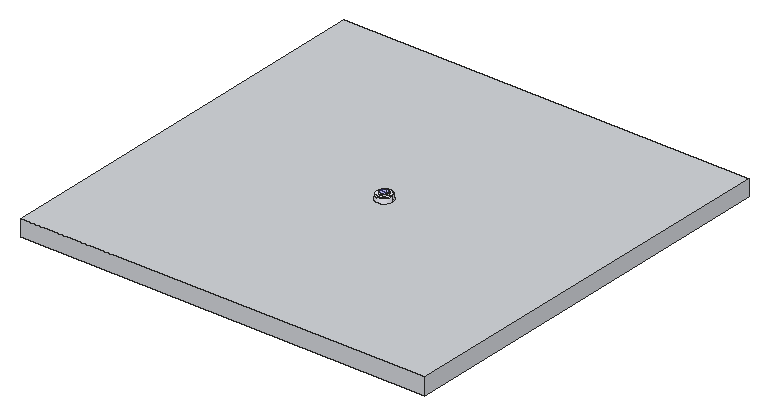
Revit family "BEG-92550", category Dispositifs d'éclairage, Revit 2015
Parameters
  Detection zone [instance] = yes
  Seat area [instance] = height position < 301 cm  # yes
  URL = "http://www.luxomat.com/en-92550"
  Type of output = "SWITCH"
  Ambiant temperature = "-25°C to +50°C"
  Ref = "92550"
  Relay = "10A"
  height position [instance] = 250 cm
  direct Range [instance] = height position * 2.4  # 600 cm
  transversal Range [instance] = height position * 4  # 1000 cm
  Modèle = "PD2M-1C-SM"
  Installation type = "Ceiling"
  Brand = "LUXOMAT"
  Image du type = 92550.jpg
  IP = "20"
  Mounting height max = Installation height max  # 300 cm
  Installation height max = 300 cm
  Fabricant = "B.E.G"
  Label [instance] = yes
  Default Elevation = 0 cm
  Consumption = "0,77W"
  Commentaires du type = "Occupancy detector PD2M-1C-SM"
  Code d'assemblage = "D5010200"
  Class = "2"
  Switching power LED = "300W"
  Switching power Cos ɸ =1 = "2300W"
  Switching power Cos ɸ =0,5 = "1150VA"
  Power voltage = "110-240 V AC"
  seated activity [instance] = height position * 1.6  # 400 cm
Reference planes (cm)
  plane 1 "Centre (avant/arrière)": y = 0
  plane 2: z = 0
  plane 3 "Centre (gauche/droite)": x = 0
Forms (cm)
  Extrusion 1, solid
    sketch origin (0, 0, 0) x (1, 0, 0) y (0, 1, 0)
      loop
        line (-121.92, 121.92) -> (-121.92, -121.92) -> (121.92, -121.92) -> (121.92, 121.92) -> (-121.92, 121.92)
    from 0 to -10
Dimensions and locks (cm)
  aligned and locked: plane 2 to Extrusion 1
  aligned and locked: level to Extrusion 1
  aligned and locked: nested 2 to plane 2
Nested families (cm)
  nested 1: "Famille1" at (0, -72.6659, 0) x (-1, 0, 0) z (0, 0, 1), reference <- "Ref", modele <- "Modèle", visible <- "Label", type "Famille1"
    with reference "92550", modele "PD2M-1C-SM"
  nested 2: "M8" at (0, 0, 0), type "Standard"
  nested 3: "zone G" at (0, 0, 0) x (-1, 0, 0) z (0, 0, 1), visible <- "Detection zone", activité assise <- "seated activity", biais <- "transversal Range", frontal <- "direct Range", Zone assise <- "Seat area", type "zone G"
    with position 2 240 cm, position 1 400 cm, frontal 600 cm, biais 1000 cm, activité assise 400 cm, Zone assise yes
  nested 4: "Plafond 360° 2D" at (0, 0, 0), type "Plafond 360° 2D"
Connectors (cm)
  electrical at (0, 0, 0)
    settings: on nested 2, index 1, voltage 240 V, apparent load 0 VA, apparent load phase1 0 VA, apparent load phase2 0 VA, apparent load phase3 0 VA, power factor 1, load classification "Eclairage", number of poles 1, system type 31, power factor state 1, is connector primary yes, connector utility no, sub classification motor no, connector description ""
Definition of nested family "M8"
  Reference planes (cm)
    plane 1 "Centre (avant/arrière)": y = 0
    plane 2: z = 0
    plane 3 "Centre (gauche/droite)": x = 0
    plane 4: y = 0
  Forms (cm)
    Revolve 1, solid
      sketch origin (0, 0, 0) x (-1, 0, 0) y (0, 0, 1)
        loop
          line (0, 0) -> (0, 3.6) -> (-2.45, 3.6) -> (-2.6598, 3.35) -> (-2.6598, 3.1) -> (-4.3661, 2.8) -> (-4.69, 2.4) -> (-4.9, 0) -> (0, 0)
        axis (0, 0) -> (0, 3.6)
      angle from 0 to 360
    Revolve 2, solid
      sketch origin (0, 0, 0) x (-1, 0, 0) y (0, 0, 1)
        loop
          line (0, 3.6) -> (0, 5)
          arc (0, 5) -> (-1.3892, 4.6244) -> (-2.4, 3.6) r 2.7571
          line (-2.4, 3.6) -> (0, 3.6)
        axis (0, 3.6) -> (0, 5)
      angle from 0 to 360
  Lines and regions (cm)
    reference lines
      curve 1: line (0, 0, 0) -> (0, 0, 5)
      curve 2: line (2.45, 0, 3.6) -> (0, 0, 3.6)
      curve 3: line (2.6598, 0, 3.35) -> (2.45, 0, 3.6)
      curve 4: line (2.6598, 0, 3.35) -> (2.6598, 0, 3.1)
      curve 5: line (4.3661, 0, 2.8) -> (2.6598, 0, 3.1)
      curve 6: line (4.69, 0, 2.4) -> (4.3661, 0, 2.8)
      curve 7: line (4.9, 0, 0) -> (4.69, 0, 2.4)
      curve 8: line (0, 0, 0) -> (4.9, 0, 0)
      curve 9: line (0, 0, 5) -> (0, 0, 3.6)
      curve 10: arc (0, 0, 5) -> (1.3892, 0, 4.6244) -> (2.4, 0, 3.6) r 2.7571
      curve 11: line (0, 0, 3.6) -> (2.4, 0, 3.6)
      curve 12: line (0, 0, 0) -> (0, 0, 5)
  Dimensions and locks (cm)
    aligned and locked: level to plane 2
    aligned and locked: Revolve 1 sketch curve to curve 1  (x2)
    aligned and locked: Revolve 1 sketch curve to curve 2
    aligned and locked: Revolve 1 sketch curve to curve 3
    aligned and locked: Revolve 1 sketch curve to curve 4
    aligned and locked: Revolve 1 sketch curve to curve 5
    aligned and locked: Revolve 1 sketch curve to curve 6
    aligned and locked: Revolve 1 sketch curve to curve 7
    aligned and locked: Revolve 1 sketch curve to curve 8
    aligned and locked: Revolve 2 sketch curve to curve 9
    aligned and locked: Revolve 2 sketch curve to curve 10
    aligned and locked: Revolve 2 sketch curve to curve 11
    aligned and locked: Revolve 2 sketch curve to curve 12
Definition of nested family "Famille1"
  Parameters (values of type "Famille1")
    reference [instance] = ""
    modele [instance] = ""
  Reference planes (cm)
    plane 1: y = 0
    plane 2: x = 0
  Text (cm)
    label "reference\n\nmodele" at (0.0074, 0.0451, 0), shows "reference", "modele"
Definition of nested family "zone G"
  Parameters (values of type "zone G")
    position 2 [instance] = (frontal / 2) * 0.8  # 240 cm
    position 1 [instance] = (biais / 2) * 0.8  # 400 cm
    frontal [instance] = 600 cm
    biais [instance] = 1000 cm
    activité assise [instance] = 400 cm
    Zone assise [instance] = yes
  Reference planes (cm)
    plane 1 "Centre (avant/arrière)": y = 0
    plane 2: z = 0
    plane 3 "Centre (gauche/droite)": x = 0
    plane 4: x = -400
    plane 5: y = -240
  Lines and regions (cm)
    detail lines, in view "Niveau de réf.", visible <- "Zone assise"
      curve 1: circle (0, 0, 0) r 200 normal (0, 0, 1)
      curve 4: spline (-105.2767, 3.2118, 0) -> (-104.9106, 3.0586, 0) -> (-103.8375, 2.9158, 0) -> (-102.1303, 2.7932, 0) -> (-99.9055, 2.6991, 0) -> (-97.3146, 2.6399, 0) -> (-94.5343, 2.6198, 0) -> (-91.7539, 2.6399, 0) -> (-89.163, 2.6991, 0) -> (-86.9382, 2.7932, 0) -> (-85.231, 2.9158, 0) -> (-84.1579, 3.0586, 0) -> (-83.7918, 3.2118, 0) -> (-84.1579, 3.365, 0) -> (-85.231, 3.5078, 0) -> (-86.9382, 3.6305, 0) -> (-89.163, 3.7245, 0) -> (-91.7539, 3.7837, 0) -> (-94.5343, 3.8039, 0) -> (-97.3146, 3.7837, 0) -> (-99.9055, 3.7245, 0) -> (-102.1303, 3.6305, 0) -> (-103.8375, 3.5078, 0) -> (-104.9106, 3.365, 0) -> (-105.2767, 3.2118, 0)
      curve 5: line (-105.2767, 3.2118, 0) -> (-103.7271, 3.5181, 0)
      curve 6: arc (-102.6495, -16.5888, 0) -> (-107.2915, -17.186, 0) -> (-111.6311, -18.9388, 0) r 18.3388
      curve 7: arc (-111.6311, -18.9388, 0) -> (-111.6982, -19.0046, 0) -> (-111.7229, -19.0953, 0) r 0.1799
      curve 8: arc (-102.4571, -17.1805, 0) -> (-106.7473, -17.5804, 0) -> (-110.8538, -18.8852, 0) r 20.1051
      curve 9: arc (-110.8538, -18.8852, 0) -> (-111.0396, -18.979, 0) -> (-111.2122, -19.0953, 0) r 1.6679
      curve 10: circle (-111.4676, -19.8292, 0) r 0.5096 normal (0, 0, 1)
      curve 11: arc (-110.898, -19.8292, 0) -> (-111.4676, -19.2597, 0) -> (-112.0372, -19.8292, 0) r 0.5696
      curve 12: arc (-110.838, -19.8292, 0) -> (-111.4676, -19.1997, 0) -> (-112.0972, -19.8292, 0) r 0.6296
      curve 13: arc (-86.4191, -16.5888, 0) -> (-81.7771, -17.186, 0) -> (-77.4374, -18.9388, 0) r 18.3388
      curve 14: arc (-77.4374, -18.9388, 0) -> (-77.3704, -19.0046, 0) -> (-77.3456, -19.0953, 0) r 0.1799
      curve 15: arc (-86.6114, -17.1805, 0) -> (-82.3212, -17.5804, 0) -> (-78.2147, -18.8852, 0) r 20.1051
      curve 16: arc (-78.2147, -18.8852, 0) -> (-78.0289, -18.979, 0) -> (-77.8563, -19.0953, 0) r 1.6679
      curve 17: circle (-77.6009, -19.8292, 0) r 0.5096 normal (0, 0, 1)
      curve 18: arc (-77.0314, -19.8292, 0) -> (-77.6009, -19.2597, 0) -> (-78.1705, -19.8292, 0) r 0.5696
      curve 19: arc (-76.9714, -19.8292, 0) -> (-77.6009, -19.1997, 0) -> (-78.2305, -19.8292, 0) r 0.6296
      curve 20: arc (-95.2593, -16.5888, 0) -> (-98.9871, -17.441, 0) -> (-102.5056, -18.9388, 0) r 21.5424
      curve 21: arc (-102.5056, -18.9388, 0) -> (-102.5726, -19.0046, 0) -> (-102.5974, -19.0953, 0) r 0.1799
      curve 22: arc (-95.2593, -17.1805, 0) -> (-98.5536, -17.8061, 0) -> (-101.7283, -18.8852, 0) r 23.9713
      curve 23: arc (-101.7283, -18.8852, 0) -> (-101.911, -18.9772, 0) -> (-102.081, -19.0909, 0) r 1.6679
      curve 24: arc (-95.0229, -17.1805, 0) -> (-98.2689, -17.8294, 0) -> (-101.4063, -18.8852, 0) r 26.0219
      curve 25: arc (-101.4063, -18.8852, 0) -> (-101.592, -18.979, 0) -> (-101.7647, -19.0953, 0) r 1.6679
      curve 26: circle (-102.181, -19.8292, 0) r 0.5096 normal (0, 0, 1)
      curve 27: arc (-101.6114, -19.8292, 0) -> (-102.181, -19.2597, 0) -> (-102.7506, -19.8292, 0) r 0.5696
      curve 28: arc (-101.5514, -19.8292, 0) -> (-102.181, -19.1997, 0) -> (-102.8106, -19.8292, 0) r 0.6296
      curve 29: arc (-93.8092, -16.5888, 0) -> (-90.0814, -17.441, 0) -> (-86.5629, -18.9388, 0) r 21.5424
      curve 30: arc (-86.5629, -18.9388, 0) -> (-86.4959, -19.0046, 0) -> (-86.4711, -19.0953, 0) r 0.1799
      curve 31: arc (-93.8092, -17.1805, 0) -> (-90.5149, -17.8061, 0) -> (-87.3402, -18.8852, 0) r 23.9713
      curve 32: arc (-87.3402, -18.8852, 0) -> (-87.1544, -18.979, 0) -> (-86.9818, -19.0953, 0) r 1.6679
      curve 33: arc (-94.0457, -17.1805, 0) -> (-90.7996, -17.8294, 0) -> (-87.6622, -18.8852, 0) r 26.0219
      curve 34: arc (-87.6622, -18.8852, 0) -> (-87.4765, -18.979, 0) -> (-87.3039, -19.0953, 0) r 1.6679
      curve 35: circle (-86.8875, -19.8292, 0) r 0.5096 normal (0, 0, 1)
      curve 36: arc (-86.3179, -19.8292, 0) -> (-86.8875, -19.2597, 0) -> (-87.4571, -19.8292, 0) r 0.5696
      curve 37: arc (-86.2579, -19.8292, 0) -> (-86.8875, -19.1997, 0) -> (-87.5171, -19.8292, 0) r 0.6296
      curve 38: arc (-103.0079, 8.8705, 0) -> (-101.8776, 5.8173, 0) -> (-98.8653, 4.5819, 0) r 4.0512
      curve 39: arc (-83.7186, 4.2269, 0) -> (-82.9538, 3.7817, 0) -> (-82.7946, 2.9112, 0) r 1.0582
      curve 40: arc (-82.7946, 2.9112, 0) -> (-84.0889, -6.227, 0) -> (-84.0703, -15.4564, 0) r 64.7189
      curve 41: arc (-84.0703, -15.4564, 0) -> (-83.933, -16.0031, 0) -> (-83.4527, -16.2981, 0) r 0.7467
      curve 42: arc (-83.4527, -16.2981, 0) -> (-80.3714, -16.8717, 0) -> (-77.238, -16.9405, 0) r 19.3577
      curve 43: arc (-77.238, -16.9405, 0) -> (-77.6363, -16.4391, 0) -> (-78.2461, -16.244, 0) r 1.1013
      curve 44: arc (-78.2461, -16.244, 0) -> (-80.4274, -15.8096, 0) -> (-82.5587, -15.1742, 0) r 23.8747
      curve 45: arc (-82.5587, -15.1742, 0) -> (-81.6045, -6.5488, 0) -> (-80.848, 2.0961, 0) r 379.1961
      curve 46: arc (-80.848, 2.0961, 0) -> (-81.0708, 4.8418, 0) -> (-83.0581, 6.7494, 0) r 3.8846
      curve 47: arc (-83.0581, 6.7494, 0) -> (-89.2141, 8.8147, 0) -> (-95.6542, 9.6431, 0) r 33.2193
      curve 48: arc (-95.6542, 9.6431, 0) -> (-94.8516, 17.305, 0) -> (-94.8609, 25.0089, 0) r 72.9952
      curve 49: arc (-95.1116, 28.28, 0) -> (-95.2196, 29.2958, 0) -> (-95.3418, 30.31, 0) r 72.9952
      curve 50: arc (-98.1747, 30.0752, 0) -> (-100.3426, 29.2913, 0) -> (-99.4886, 27.1501, 0) r 1.6042
      curve 51: arc (-95.3418, 30.31, 0) -> (-98.7298, 32.2574, 0) -> (-102.1179, 30.31, 0) r 3.9209
      curve 52: arc (-68.8418, 20.3177, 0) -> (-68.8537, 20.2265, 0) -> (-68.9411, 20.2549, 0) r 0.0597
      curve 53: arc (-70.9776, 20.5408, 0) -> (-70.9496, 20.3832, 0) -> (-71.1082, 20.3621, 0) r 0.1108
      curve 54: spline (-98.8908, 41.6409, 0) -> (-97.9793, 41.5103, 0) -> (-97.1229, 41.0855, 0) -> (-96.38, 40.3954, 0) -> (-95.8012, 39.4871, 0) -> (-95.426, 38.4224, 0) -> (-95.2799, 37.274, 0) -> (-95.3728, 36.12, 0) -> (-95.6985, 35.0392, 0) -> (-96.2348, 34.1051, 0) -> (-96.945, 33.3815, 0) -> (-97.7809, 32.9176, 0) -> (-98.6854, 32.7451, 0) -> (-99.5969, 32.8757, 0) -> (-100.4532, 33.3005, 0) -> (-101.1961, 33.9906, 0) -> (-101.7749, 34.8989, 0) -> (-102.1502, 35.9636, 0) -> (-102.2963, 37.112, 0) -> (-102.2033, 38.266, 0) -> (-101.8776, 39.3468, 0) -> (-101.3414, 40.2809, 0) -> (-100.6311, 41.0045, 0) -> (-99.7953, 41.4684, 0) -> (-98.8908, 41.6409, 0)
      curve 55: line (-74.1608, -20.3388, 0) -> (-33.3759, -20.3388, 0)
      curve 56: line (-33.3759, -20.3388, 0) -> (-33.3759, 18.6681, 0)
      curve 57: line (-33.3759, 18.6681, 0) -> (-74.1608, 18.6681, 0)
      curve 58: line (-74.1608, 18.6681, 0) -> (-74.1608, -20.3388, 0)
      curve 59: line (-74.1608, -20.3388, 0) -> (-120.7181, -20.3388, 0)
      curve 60: line (-80.1025, 18.6681, 0) -> (-27.4342, 18.6681, 0)
      curve 61: line (-27.4342, 18.6681, 0) -> (-27.4342, 20.1345, 0)
      curve 62: line (-27.4342, 20.1345, 0) -> (-80.1025, 20.1345, 0)
      curve 63: line (-80.1025, 20.1345, 0) -> (-80.1025, 18.6681, 0)
      curve 64: line (-95.5223, 2.6198, 0) -> (-93.5462, 2.6198, 0)
      curve 65: line (-93.5462, 2.6198, 0) -> (-93.5462, -16.5888, 0)
      curve 66: line (-93.5462, -16.5888, 0) -> (-95.5223, -16.5888, 0)
      curve 67: line (-95.5223, -16.5888, 0) -> (-95.5223, 2.6198, 0)
      curve 68: line (-95.5223, -16.5888, 0) -> (-102.6495, -16.5888, 0)
      curve 69: line (-111.7229, -19.0953, 0) -> (-111.2122, -19.0953, 0)
      curve 70: line (-93.8092, -16.5888, 0) -> (-94.0457, -17.1805, 0)
      curve 71: line (-94.0457, -17.1805, 0) -> (-93.8092, -17.1805, 0)
      curve 72: line (-93.8092, -17.1805, 0) -> (-94.5343, -17.1805, 0)
      curve 73: line (-94.5343, -17.1805, 0) -> (-95.2593, -17.1805, 0)
      curve 74: line (-95.2593, -17.1805, 0) -> (-95.0229, -17.1805, 0)
      curve 75: line (-95.0229, -17.1805, 0) -> (-95.2593, -16.5888, 0)
      curve 76: line (-98.1226, -17.1805, 0) -> (-102.4571, -17.1805, 0)
      curve 77: line (-112.0372, -19.8292, 0) -> (-112.0972, -19.8292, 0)
      curve 78: line (-110.898, -19.8292, 0) -> (-110.838, -19.8292, 0)
      curve 79: line (-111.3676, -19.2076, 0) -> (-111.3676, -19.0953, 0)
      curve 80: line (-111.5676, -19.2076, 0) -> (-111.5676, -19.0953, 0)
      curve 81: line (-93.5462, -16.5888, 0) -> (-86.4191, -16.5888, 0)
      curve 82: line (-77.3456, -19.0953, 0) -> (-77.8563, -19.0953, 0)
      curve 83: line (-90.9459, -17.1805, 0) -> (-86.6114, -17.1805, 0)
      curve 84: line (-77.0314, -19.8292, 0) -> (-76.9714, -19.8292, 0)
      curve 85: line (-78.1705, -19.8292, 0) -> (-78.2305, -19.8292, 0)
      curve 86: line (-77.7009, -19.2076, 0) -> (-77.7009, -19.0953, 0)
      curve 87: line (-77.5009, -19.2076, 0) -> (-77.5009, -19.0953, 0)
      curve 88: line (-102.5974, -19.0953, 0) -> (-101.7647, -19.0953, 0)
      curve 89: line (-102.7506, -19.8292, 0) -> (-102.8106, -19.8292, 0)
      curve 90: line (-101.6114, -19.8292, 0) -> (-101.5514, -19.8292, 0)
      curve 91: line (-102.081, -19.2076, 0) -> (-102.081, -19.0909, 0)
      curve 92: line (-102.281, -19.2076, 0) -> (-102.281, -19.0953, 0)
      curve 93: line (-86.4711, -19.0953, 0) -> (-87.3039, -19.0953, 0)
      curve 94: line (-86.3179, -19.8292, 0) -> (-86.2579, -19.8292, 0)
      curve 95: line (-87.4571, -19.8292, 0) -> (-87.5171, -19.8292, 0)
      curve 96: line (-86.9875, -19.2076, 0) -> (-86.9875, -19.0953, 0)
      curve 97: line (-86.7875, -19.2076, 0) -> (-86.7875, -19.0953, 0)
      curve 98: line (-98.8653, 4.5819, 0) -> (-83.7186, 4.2269, 0)
      curve 99: line (-103.0079, 8.8705, 0) -> (-102.1179, 30.31, 0)
      curve 100: line (-98.1747, 30.0752, 0) -> (-85.3255, 22.5448, 0)
      curve 101: line (-85.3255, 22.5448, 0) -> (-74.2929, 21.667, 0)
      curve 102: line (-74.2929, 21.667, 0) -> (-71.6033, 21.7219, 0)
      curve 103: line (-71.6033, 21.7219, 0) -> (-69.7371, 21.2829, 0)
      curve 104: line (-69.7371, 21.2829, 0) -> (-68.8418, 20.3177, 0)
      curve 105: line (-68.9411, 20.2549, 0) -> (-69.7808, 21.0896, 0)
      curve 106: line (-69.7808, 21.0896, 0) -> (-71.6115, 21.2989, 0)
      curve 107: line (-71.6115, 21.2989, 0) -> (-72.0159, 21.0248, 0)
      curve 108: line (-72.0159, 21.0248, 0) -> (-70.9776, 20.5408, 0)
      curve 109: line (-71.1082, 20.3621, 0) -> (-72.6656, 20.8949, 0)
      curve 110: line (-72.6656, 20.8949, 0) -> (-74.496, 20.6558, 0)
      curve 111: line (-74.496, 20.6558, 0) -> (-86.0144, 20.9158, 0)
      curve 112: line (-86.0144, 20.9158, 0) -> (-99.4886, 27.1501, 0)
      curve 113: line (-99.8644, 32.9741, 0) -> (-99.9944, 32.0479, 0)
      curve 114: line (-97.5142, 33.0301, 0) -> (-97.3718, 32.0147, 0)
      curve 115: line (-33.3759, -20.3388, 0) -> (-21.8014, -20.3388, 0)
    detail lines, in view "Niveau de réf."
      curve 2: circle (0, 0, 0) r 300 normal (0, 0, 1)
      curve 3: circle (0, 0, 0) r 500 normal (0, 0, 1)
      curve 116: spline (2.3068, -267.7265, 0) -> (4.0856, -267.3949, 0) -> (5.7432, -266.4226, 0) -> (7.1667, -264.876, 0) -> (8.2589, -262.8603, 0) -> (8.9455, -260.5131, 0) -> (9.1797, -257.9942, 0) -> (8.9455, -255.4753, 0) -> (8.2589, -253.1281, 0) -> (7.1667, -251.1125, 0) -> (5.7432, -249.5658, 0) -> (4.0856, -248.5936, 0) -> (2.3068, -248.262, 0) -> (0.5279, -248.5936, 0) -> (-1.1297, -249.5658, 0) -> (-2.5531, -251.1125, 0) -> (-3.6453, -253.1281, 0) -> (-4.3319, -255.4753, 0) -> (-4.5661, -257.9942, 0) -> (-4.3319, -260.5131, 0) -> (-3.6453, -262.8603, 0) -> (-2.5531, -264.876, 0) -> (-1.1297, -266.4226, 0) -> (0.5279, -267.3949, 0) -> (2.3068, -267.7265, 0)
      curve 117: line (-4.7649, -255.0929, 0) -> (0.5136, -267.9212, 0)
      curve 118: line (3.5648, -268.0775, 0) -> (9.2455, -254.5266, 0)
      curve 119: line (-0.3759, -248.4588, 0) -> (-3.0011, -250.8806, 0)
      curve 120: line (3.5053, -268.5045, 0) -> (6.62, -268.3756, 0)
      curve 121: line (1.7304, -268.3525, 0) -> (3.5053, -268.5045, 0)
      curve 122: line (-4.7649, -255.0929, 0) -> (0.5136, -267.9212, 0)
      curve 123: line (-21.1936, -255.3894, 0) -> (-24.4202, -257.3623, 0)
      curve 124: line (-21.1936, -255.3894, 0) -> (-24.4202, -257.3623, 0)
      curve 125: line (-0.3759, -248.4588, 0) -> (-3.0011, -250.8806, 0)
      curve 126: line (1.7304, -268.3525, 0) -> (6.62, -268.3756, 0)
      curve 127: line (3.5648, -268.0775, 0) -> (9.2455, -254.5266, 0)
      curve 128: line (0, -240, 0) -> (0, -209.0788, 0)
      curve 129: line (0, -209.0788, 0) -> (0, -200.7814, 0)
      curve 130: spline (-397.6932, -27.7265, 0) -> (-395.9144, -27.3949, 0) -> (-394.2568, -26.4226, 0) -> (-392.8333, -24.876, 0) -> (-391.7411, -22.8603, 0) -> (-391.0545, -20.5131, 0) -> (-390.8203, -17.9942, 0) -> (-391.0545, -15.4753, 0) -> (-391.7411, -13.1281, 0) -> (-392.8333, -11.1125, 0) -> (-394.2568, -9.5658, 0) -> (-395.9144, -8.5936, 0) -> (-397.6932, -8.262, 0) -> (-399.4721, -8.5936, 0) -> (-401.1297, -9.5658, 0) -> (-402.5531, -11.1125, 0) -> (-403.6453, -13.1281, 0) -> (-404.3319, -15.4753, 0) -> (-404.5661, -17.9942, 0) -> (-404.3319, -20.5131, 0) -> (-403.6453, -22.8603, 0) -> (-402.5531, -24.876, 0) -> (-401.1297, -26.4226, 0) -> (-399.4721, -27.3949, 0) -> (-397.6932, -27.7265, 0)
      curve 131: line (-404.7649, -15.0929, 0) -> (-399.4864, -27.9212, 0)
      curve 132: line (-396.4352, -28.0775, 0) -> (-390.7545, -14.5266, 0)
      curve 133: line (-400.3759, -8.4588, 0) -> (-403.0011, -10.8806, 0)
      curve 134: line (-396.4947, -28.5045, 0) -> (-393.38, -28.3756, 0)
      curve 135: line (-398.2696, -28.3525, 0) -> (-396.4947, -28.5045, 0)
      curve 136: line (-404.7649, -15.0929, 0) -> (-399.4864, -27.9212, 0)
      curve 137: line (-421.1936, -15.3894, 0) -> (-424.4202, -17.3623, 0)
      curve 138: line (-421.1936, -15.3894, 0) -> (-424.4202, -17.3623, 0)
      curve 139: line (-400.3759, -8.4588, 0) -> (-403.0011, -10.8806, 0)
      curve 140: line (-398.2696, -28.3525, 0) -> (-393.38, -28.3756, 0)
      curve 141: line (-396.4352, -28.0775, 0) -> (-390.7545, -14.5266, 0)
      curve 142: line (-400, 0, 0) -> (-400, 30.9212, 0)
      curve 143: line (-400, 30.9212, 0) -> (-400, 39.2186, 0)
    detail lines, in view "Niveau de réf.", visible <- "Zone assise", not visible
      curve 144: spline (925.976, -22.5654, 0) -> (926.342, -22.7186, 0) -> (927.4152, -22.8614, 0) -> (929.1224, -22.984, 0) -> (931.3472, -23.0781, 0) -> (933.938, -23.1373, 0) -> (936.7184, -23.1574, 0) -> (939.4987, -23.1373, 0) -> (942.0896, -23.0781, 0) -> (944.3144, -22.984, 0) -> (946.0216, -22.8614, 0) -> (947.0948, -22.7186, 0) -> (947.4608, -22.5654, 0) -> (947.0948, -22.4122, 0) -> (946.0216, -22.2694, 0) -> (944.3144, -22.1467, 0) -> (942.0896, -22.0527, 0) -> (939.4987, -21.9935, 0) -> (936.7184, -21.9733, 0) -> (933.938, -21.9935, 0) -> (931.3472, -22.0527, 0) -> (929.1224, -22.1467, 0) -> (927.4152, -22.2694, 0) -> (926.342, -22.4122, 0) -> (925.976, -22.5654, 0)
      curve 145: line (925.976, -22.5654, 0) -> (927.5256, -22.2591, 0)
      curve 146: arc (928.6032, -42.366, 0) -> (923.9612, -42.9632, 0) -> (919.6215, -44.716, 0) r 18.3388
      curve 147: arc (919.6215, -44.716, 0) -> (919.5545, -44.7818, 0) -> (919.5297, -44.8725, 0) r 0.1799
      curve 148: arc (928.7956, -42.9577, 0) -> (924.5053, -43.3576, 0) -> (920.3988, -44.6624, 0) r 20.1051
      curve 149: arc (920.3988, -44.6624, 0) -> (920.213, -44.7562, 0) -> (920.0404, -44.8725, 0) r 1.6679
      curve 150: circle (919.7851, -45.6065, 0) r 0.5096 normal (0, 0, 1)
      curve 151: arc (920.3547, -45.6065, 0) -> (919.7851, -45.0369, 0) -> (919.2155, -45.6065, 0) r 0.5696
      curve 152: arc (920.4147, -45.6065, 0) -> (919.7851, -44.9769, 0) -> (919.1555, -45.6065, 0) r 0.6296
      curve 153: arc (944.8336, -42.366, 0) -> (949.4756, -42.9632, 0) -> (953.8152, -44.716, 0) r 18.3388
      curve 154: arc (953.8152, -44.716, 0) -> (953.8823, -44.7818, 0) -> (953.907, -44.8725, 0) r 0.1799
      curve 155: arc (944.6412, -42.9577, 0) -> (948.9315, -43.3576, 0) -> (953.038, -44.6624, 0) r 20.1051
      curve 156: arc (953.038, -44.6624, 0) -> (953.2237, -44.7562, 0) -> (953.3964, -44.8725, 0) r 1.6679
      curve 157: circle (953.6517, -45.6065, 0) r 0.5096 normal (0, 0, 1)
      curve 158: arc (954.2213, -45.6065, 0) -> (953.6517, -45.0369, 0) -> (953.0821, -45.6065, 0) r 0.5696
      curve 159: arc (954.2813, -45.6065, 0) -> (953.6517, -44.9769, 0) -> (953.0221, -45.6065, 0) r 0.6296
      curve 160: arc (935.9933, -42.366, 0) -> (932.2655, -43.2182, 0) -> (928.7471, -44.716, 0) r 21.5424
      curve 161: arc (928.7471, -44.716, 0) -> (928.68, -44.7818, 0) -> (928.6553, -44.8725, 0) r 0.1799
      curve 162: arc (935.9933, -42.9577, 0) -> (932.6991, -43.5833, 0) -> (929.5243, -44.6624, 0) r 23.9713
      curve 163: arc (929.5243, -44.6624, 0) -> (929.3417, -44.7544, 0) -> (929.1716, -44.8681, 0) r 1.6679
      curve 164: arc (936.2298, -42.9577, 0) -> (932.9838, -43.6066, 0) -> (929.8464, -44.6624, 0) r 26.0219
      curve 165: arc (929.8464, -44.6624, 0) -> (929.6606, -44.7562, 0) -> (929.488, -44.8725, 0) r 1.6679
      curve 166: circle (929.0716, -45.6065, 0) r 0.5096 normal (0, 0, 1)
      curve 167: arc (929.6412, -45.6065, 0) -> (929.0716, -45.0369, 0) -> (928.502, -45.6065, 0) r 0.5696
      curve 168: arc (929.7012, -45.6065, 0) -> (929.0716, -44.9769, 0) -> (928.442, -45.6065, 0) r 0.6296
      curve 169: arc (937.4435, -42.366, 0) -> (941.1713, -43.2182, 0) -> (944.6897, -44.716, 0) r 21.5424
      curve 170: arc (944.6897, -44.716, 0) -> (944.7568, -44.7818, 0) -> (944.7815, -44.8725, 0) r 0.1799
      curve 171: arc (937.4435, -42.9577, 0) -> (940.7377, -43.5833, 0) -> (943.9124, -44.6624, 0) r 23.9713
      curve 172: arc (943.9124, -44.6624, 0) -> (944.0982, -44.7562, 0) -> (944.2708, -44.8725, 0) r 1.6679
      curve 173: arc (937.207, -42.9577, 0) -> (940.453, -43.6066, 0) -> (943.5904, -44.6624, 0) r 26.0219
      curve 174: arc (943.5904, -44.6624, 0) -> (943.7762, -44.7562, 0) -> (943.9488, -44.8725, 0) r 1.6679
      curve 175: circle (944.3651, -45.6065, 0) r 0.5096 normal (0, 0, 1)
      curve 176: arc (944.9347, -45.6065, 0) -> (944.3651, -45.0369, 0) -> (943.7956, -45.6065, 0) r 0.5696
      curve 177: arc (944.9947, -45.6065, 0) -> (944.3651, -44.9769, 0) -> (943.7356, -45.6065, 0) r 0.6296
      curve 178: arc (928.2447, -16.9067, 0) -> (929.3751, -19.9599, 0) -> (932.3873, -21.1953, 0) r 4.0512
      curve 179: arc (947.5341, -21.5503, 0) -> (948.2989, -21.9955, 0) -> (948.4581, -22.866, 0) r 1.0582
      curve 180: arc (948.4581, -22.866, 0) -> (947.1637, -32.0042, 0) -> (947.1824, -41.2336, 0) r 64.7189
      curve 181: arc (947.1824, -41.2336, 0) -> (947.3196, -41.7803, 0) -> (947.8, -42.0753, 0) r 0.7467
      curve 182: arc (947.8, -42.0753, 0) -> (950.8812, -42.6489, 0) -> (954.0146, -42.7177, 0) r 19.3577
      curve 183: arc (954.0146, -42.7177, 0) -> (953.6164, -42.2163, 0) -> (953.0065, -42.0212, 0) r 1.1013
      curve 184: arc (953.0065, -42.0212, 0) -> (950.8253, -41.5868, 0) -> (948.6939, -40.9514, 0) r 23.8747
      curve 185: arc (948.6939, -40.9514, 0) -> (949.6481, -32.326, 0) -> (950.4047, -23.6811, 0) r 379.1961
      curve 186: arc (950.4047, -23.6811, 0) -> (950.1819, -20.9354, 0) -> (948.1945, -19.0278, 0) r 3.8846
      curve 187: arc (948.1945, -19.0278, 0) -> (942.0386, -16.9625, 0) -> (935.5985, -16.1341, 0) r 33.2193
      curve 188: arc (935.5985, -16.1341, 0) -> (936.4011, -8.4722, 0) -> (936.3918, -0.7683, 0) r 72.9952
      curve 189: arc (936.1411, 2.5028, 0) -> (936.0331, 3.5186, 0) -> (935.9108, 4.5328, 0) r 72.9952
      curve 190: arc (933.0779, 4.298, 0) -> (930.9101, 3.5141, 0) -> (931.7641, 1.3729, 0) r 1.6042
      curve 191: arc (935.9108, 4.5328, 0) -> (932.5228, 6.4802, 0) -> (929.1348, 4.5328, 0) r 3.9209
      curve 192: arc (962.4108, -5.4595, 0) -> (962.3989, -5.5507, 0) -> (962.3115, -5.5223, 0) r 0.0597
      curve 193: arc (960.275, -5.2364, 0) -> (960.303, -5.394, 0) -> (960.1444, -5.4151, 0) r 0.1108
      curve 194: spline (932.3619, 15.8637, 0) -> (933.2734, 15.7331, 0) -> (934.1297, 15.3083, 0) -> (934.8726, 14.6182, 0) -> (935.4514, 13.7099, 0) -> (935.8267, 12.6452, 0) -> (935.9728, 11.4968, 0) -> (935.8798, 10.3428, 0) -> (935.5541, 9.262, 0) -> (935.0179, 8.3279, 0) -> (934.3076, 7.6043, 0) -> (933.4718, 7.1404, 0) -> (932.5673, 6.9679, 0) -> (931.6558, 7.0985, 0) -> (930.7994, 7.5233, 0) -> (930.0565, 8.2134, 0) -> (929.4777, 9.1217, 0) -> (929.1025, 10.1864, 0) -> (928.9564, 11.3348, 0) -> (929.0493, 12.4888, 0) -> (929.375, 13.5696, 0) -> (929.9113, 14.5037, 0) -> (930.6215, 15.2273, 0) -> (931.4574, 15.6912, 0) -> (932.3619, 15.8637, 0)
      curve 195: line (957.0918, -46.116, 0) -> (997.8768, -46.116, 0)
      curve 196: line (997.8768, -46.116, 0) -> (997.8768, -7.1091, 0)
      curve 197: line (997.8768, -7.1091, 0) -> (957.0918, -7.1091, 0)
      curve 198: line (957.0918, -7.1091, 0) -> (957.0918, -46.116, 0)
      curve 199: line (957.0918, -46.116, 0) -> (910.5345, -46.116, 0)
      curve 200: line (951.1501, -7.1091, 0) -> (1003.8185, -7.1091, 0)
      curve 201: line (1003.8185, -7.1091, 0) -> (1003.8185, -5.6427, 0)
      curve 202: line (1003.8185, -5.6427, 0) -> (951.1501, -5.6427, 0)
      curve 203: line (951.1501, -5.6427, 0) -> (951.1501, -7.1091, 0)
      curve 204: line (935.7304, -23.1574, 0) -> (937.7064, -23.1574, 0)
      curve 205: line (937.7064, -23.1574, 0) -> (937.7064, -42.366, 0)
      curve 206: line (937.7064, -42.366, 0) -> (935.7304, -42.366, 0)
      curve 207: line (935.7304, -42.366, 0) -> (935.7304, -23.1574, 0)
      curve 208: line (935.7304, -42.366, 0) -> (928.6032, -42.366, 0)
      curve 209: line (919.5297, -44.8725, 0) -> (920.0404, -44.8725, 0)
      curve 210: line (937.4435, -42.366, 0) -> (937.207, -42.9577, 0)
      curve 211: line (937.207, -42.9577, 0) -> (937.4435, -42.9577, 0)
      curve 212: line (937.4435, -42.9577, 0) -> (936.7184, -42.9577, 0)
      curve 213: line (936.7184, -42.9577, 0) -> (935.9933, -42.9577, 0)
      curve 214: line (935.9933, -42.9577, 0) -> (936.2298, -42.9577, 0)
      curve 215: line (936.2298, -42.9577, 0) -> (935.9933, -42.366, 0)
      curve 216: line (933.13, -42.9577, 0) -> (928.7956, -42.9577, 0)
      curve 217: line (919.2155, -45.6065, 0) -> (919.1555, -45.6065, 0)
      curve 218: line (920.3547, -45.6065, 0) -> (920.4147, -45.6065, 0)
      curve 219: line (919.8851, -44.9848, 0) -> (919.8851, -44.8725, 0)
      curve 220: line (919.6851, -44.9848, 0) -> (919.6851, -44.8725, 0)
      curve 221: line (937.7064, -42.366, 0) -> (944.8336, -42.366, 0)
      curve 222: line (953.907, -44.8725, 0) -> (953.3964, -44.8725, 0)
      curve 223: line (940.3068, -42.9577, 0) -> (944.6412, -42.9577, 0)
      curve 224: line (954.2213, -45.6065, 0) -> (954.2813, -45.6065, 0)
      curve 225: line (953.0821, -45.6065, 0) -> (953.0221, -45.6065, 0)
      curve 226: line (953.5517, -44.9848, 0) -> (953.5517, -44.8725, 0)
      curve 227: line (953.7517, -44.9848, 0) -> (953.7517, -44.8725, 0)
      curve 228: line (928.6553, -44.8725, 0) -> (929.488, -44.8725, 0)
      curve 229: line (928.502, -45.6065, 0) -> (928.442, -45.6065, 0)
      curve 230: line (929.6412, -45.6065, 0) -> (929.7012, -45.6065, 0)
      curve 231: line (929.1716, -44.9848, 0) -> (929.1716, -44.8681, 0)
      curve 232: line (928.9716, -44.9848, 0) -> (928.9716, -44.8725, 0)
      curve 233: line (944.7815, -44.8725, 0) -> (943.9488, -44.8725, 0)
      curve 234: line (944.9347, -45.6065, 0) -> (944.9947, -45.6065, 0)
      curve 235: line (943.7956, -45.6065, 0) -> (943.7356, -45.6065, 0)
      curve 236: line (944.2651, -44.9848, 0) -> (944.2651, -44.8725, 0)
      curve 237: line (944.4651, -44.9848, 0) -> (944.4651, -44.8725, 0)
      curve 238: line (932.3873, -21.1953, 0) -> (947.5341, -21.5503, 0)
      curve 239: line (928.2447, -16.9067, 0) -> (929.1348, 4.5328, 0)
      curve 240: line (933.0779, 4.298, 0) -> (945.9271, -3.2324, 0)
      curve 241: line (945.9271, -3.2324, 0) -> (956.9598, -4.1102, 0)
      curve 242: line (956.9598, -4.1102, 0) -> (959.6493, -4.0553, 0)
      curve 243: line (959.6493, -4.0553, 0) -> (961.5155, -4.4943, 0)
      curve 244: line (961.5155, -4.4943, 0) -> (962.4108, -5.4595, 0)
      curve 245: line (962.3115, -5.5223, 0) -> (961.4719, -4.6876, 0)
      curve 246: line (961.4719, -4.6876, 0) -> (959.6412, -4.4783, 0)
      curve 247: line (959.6412, -4.4783, 0) -> (959.2367, -4.7524, 0)
      curve 248: line (959.2367, -4.7524, 0) -> (960.275, -5.2364, 0)
      curve 249: line (960.1444, -5.4151, 0) -> (958.5871, -4.8823, 0)
      curve 250: line (958.5871, -4.8823, 0) -> (956.7566, -5.1214, 0)
      curve 251: line (956.7566, -5.1214, 0) -> (945.2383, -4.8614, 0)
      curve 252: line (945.2383, -4.8614, 0) -> (931.7641, 1.3729, 0)
      curve 253: line (931.3882, 7.1969, 0) -> (931.2583, 6.2707, 0)
      curve 254: line (933.7384, 7.2529, 0) -> (933.8809, 6.2375, 0)
      curve 255: line (997.8768, -46.116, 0) -> (1009.4512, -46.116, 0)
    detail lines, in view "Niveau de réf.", not visible
      curve 256: spline (630.3724, -48.277, 0) -> (632.1512, -47.9453, 0) -> (633.8088, -46.9731, 0) -> (635.2323, -45.4264, 0) -> (636.3245, -43.4108, 0) -> (637.0111, -41.0636, 0) -> (637.2453, -38.5447, 0) -> (637.0111, -36.0258, 0) -> (636.3245, -33.6786, 0) -> (635.2323, -31.663, 0) -> (633.8088, -30.1163, 0) -> (632.1512, -29.1441, 0) -> (630.3724, -28.8124, 0) -> (628.5935, -29.1441, 0) -> (626.9359, -30.1163, 0) -> (625.5125, -31.663, 0) -> (624.4202, -33.6786, 0) -> (623.7336, -36.0258, 0) -> (623.4995, -38.5447, 0) -> (623.7336, -41.0636, 0) -> (624.4202, -43.4108, 0) -> (625.5125, -45.4264, 0) -> (626.9359, -46.9731, 0) -> (628.5935, -47.9453, 0) -> (630.3724, -48.277, 0)
      curve 257: line (623.3007, -35.6434, 0) -> (628.5792, -48.4717, 0)
      curve 258: line (631.6303, -48.628, 0) -> (637.311, -35.0771, 0)
      curve 259: line (627.6897, -29.0093, 0) -> (625.0645, -31.4311, 0)
      curve 260: line (631.5709, -49.055, 0) -> (634.6856, -48.9261, 0)
      curve 261: line (629.7959, -48.903, 0) -> (631.5709, -49.055, 0)
      curve 262: line (623.3007, -35.6434, 0) -> (628.5792, -48.4717, 0)
      curve 263: line (606.872, -35.9399, 0) -> (603.6454, -37.9127, 0)
      curve 264: line (606.872, -35.9399, 0) -> (603.6454, -37.9127, 0)
      curve 265: line (627.6897, -29.0093, 0) -> (625.0645, -31.4311, 0)
      curve 266: line (629.7959, -48.903, 0) -> (634.6856, -48.9261, 0)
      curve 267: line (631.6303, -48.628, 0) -> (637.311, -35.0771, 0)
      curve 268: line (628.0656, -20.5505, 0) -> (628.0656, 10.3707, 0)
      curve 269: line (628.0656, 10.3707, 0) -> (628.0656, 18.6681, 0)
      curve 270: spline (1030.3724, -260.777, 0) -> (1032.1512, -260.4453, 0) -> (1033.8088, -259.4731, 0) -> (1035.2323, -257.9264, 0) -> (1036.3245, -255.9108, 0) -> (1037.0111, -253.5636, 0) -> (1037.2453, -251.0447, 0) -> (1037.0111, -248.5258, 0) -> (1036.3245, -246.1786, 0) -> (1035.2323, -244.163, 0) -> (1033.8088, -242.6163, 0) -> (1032.1512, -241.6441, 0) -> (1030.3724, -241.3124, 0) -> (1028.5935, -241.6441, 0) -> (1026.9359, -242.6163, 0) -> (1025.5125, -244.163, 0) -> (1024.4202, -246.1786, 0) -> (1023.7336, -248.5258, 0) -> (1023.4995, -251.0447, 0) -> (1023.7336, -253.5636, 0) -> (1024.4202, -255.9108, 0) -> (1025.5125, -257.9264, 0) -> (1026.9359, -259.4731, 0) -> (1028.5935, -260.4453, 0) -> (1030.3724, -260.777, 0)
      curve 271: line (1023.3007, -248.1434, 0) -> (1028.5792, -260.9717, 0)
      curve 272: line (1031.6303, -261.128, 0) -> (1037.311, -247.5771, 0)
      curve 273: line (1027.6897, -241.5093, 0) -> (1025.0645, -243.9311, 0)
      curve 274: line (1031.5709, -261.555, 0) -> (1034.6856, -261.4261, 0)
      curve 275: line (1029.7959, -261.403, 0) -> (1031.5709, -261.555, 0)
      curve 276: line (1023.3007, -248.1434, 0) -> (1028.5792, -260.9717, 0)
      curve 277: line (1006.872, -248.4399, 0) -> (1003.6454, -250.4127, 0)
      curve 278: line (1006.872, -248.4399, 0) -> (1003.6454, -250.4127, 0)
      curve 279: line (1027.6897, -241.5093, 0) -> (1025.0645, -243.9311, 0)
      curve 280: line (1029.7959, -261.403, 0) -> (1034.6856, -261.4261, 0)
      curve 281: line (1031.6303, -261.128, 0) -> (1037.311, -247.5771, 0)
      curve 282: line (1028.0656, -233.0505, 0) -> (1028.0656, -202.1293, 0)
      curve 283: line (1028.0656, -202.1293, 0) -> (1028.0656, -193.8319, 0)
  Text (cm)
    text "2" at (0.4332, -281.3743, 0), in view "Niveau de réf."
    text "1" at (-399.5668, -41.3743, 0), in view "Niveau de réf."
    text "1" at (628.4988, -61.9248, 0), in view "Niveau de réf.", not visible
    text "2" at (1028.4988, -274.4248, 0), in view "Niveau de réf.", not visible
  Dimensions and locks (cm)
    "position 1": plane 4 to plane 3 "Centre (gauche/droite)"
    "position 2": plane 5 to plane 1 "Centre (avant/arrière)"
    "activité assise": diameter of curve 1
    "biais": diameter of curve 3
    "frontal": diameter of curve 2
    aligned and locked: curve 142 to plane 1 "Centre (avant/arrière)"
    aligned and locked: curve 128 to plane 3 "Centre (gauche/droite)"
    aligned and locked: plane 4 to curve 142
    aligned and locked: plane 5 to curve 128
  Automatic sketch dimensions
    curve 1 to curve 2 = 0 cm  (x2)
    curve 1 to curve 3 = 0 cm  (x2)
    curve 2 to curve 3 = 0 cm  (x2)
    plane 1 "Centre (avant/arrière)" to curve 2 = 0 cm
    curve 2 to plane 3 "Centre (gauche/droite)" = 0 cm
Definition of nested family "Plafond 360° 2D"
  Reference planes (cm)
    plane 1: y = 0
    plane 2: x = 0
  Lines and regions (cm)
    Filled region 1, type "rouge"
      outline origin (0, 0, 0) x (1, 0, 0) y (0, 1, 0)
        loop
          circle (0, 0) r 0.0294
    detail lines
      curve 1: arc (-0.1732, 0.1, 0) -> (-0.2, 0, 0) -> (-0.1732, -0.1, 0) r 0.2
      curve 2: arc (-0.1, -0.1732, 0) -> (0, -0.2, 0) -> (0.1, -0.1732, 0) r 0.2
      curve 3: arc (0.1732, -0.1, 0) -> (0.2, 0, 0) -> (0.1732, 0.1, 0) r 0.2
      curve 4: arc (0.1, 0.1732, 0) -> (0, 0.2, 0) -> (-0.1, 0.1732, 0) r 0.2
      curve 5: arc (-0.1375, 0.0794, 0) -> (-0.1588, 0, 0) -> (-0.1375, -0.0794, 0) r 0.1588
      curve 6: arc (-0.0794, -0.1375, 0) -> (0, -0.1588, 0) -> (0.0794, -0.1375, 0) r 0.1588
      curve 7: arc (0.1375, -0.0794, 0) -> (0.1588, 0, 0) -> (0.1375, 0.0794, 0) r 0.1588
      curve 8: arc (0.0794, 0.1375, 0) -> (0, 0.1588, 0) -> (-0.0794, 0.1375, 0) r 0.1588
      curve 9: arc (-0.1019, 0.0588, 0) -> (-0.1176, 0, 0) -> (-0.1019, -0.0588, 0) r 0.1176
      curve 10: arc (-0.0588, -0.1019, 0) -> (0, -0.1176, 0) -> (0.0588, -0.1019, 0) r 0.1176
      curve 11: arc (0.1019, -0.0588, 0) -> (0.1176, 0, 0) -> (0.1019, 0.0588, 0) r 0.1176
      curve 12: arc (0.0588, 0.1019, 0) -> (0, 0.1176, 0) -> (-0.0588, 0.1019, 0) r 0.1176
      curve 13: arc (-0.0294, 0, 0) -> (0, -0.0294, 0) -> (0.0294, 0, 0) r 0.0294
      curve 14: arc (0.0294, 0, 0) -> (0, 0.0294, 0) -> (-0.0294, 0, 0) r 0.0294
